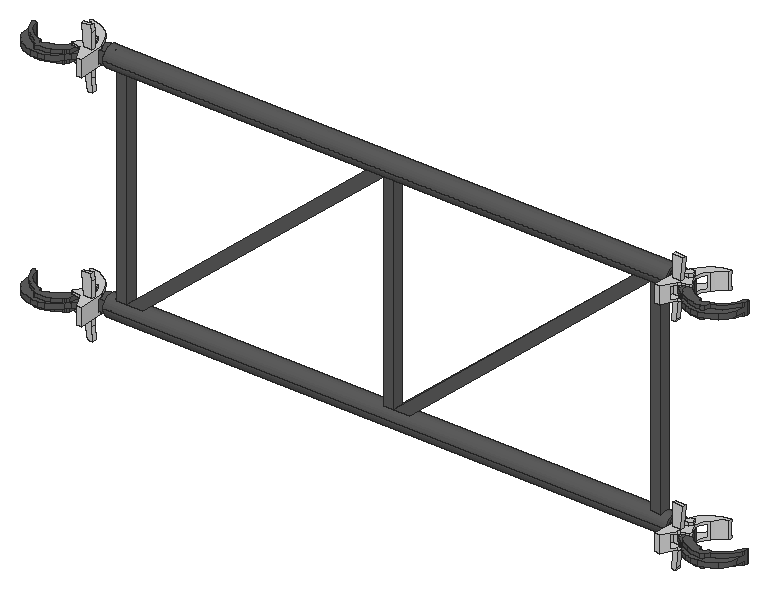
Revit family "EHL_BRACING FRAME 1,57_2220130", category Generic Models, Revit 2018
Family settings
  Can host rebar = No
  Round Connector Dimension = Use Diameter
  Part Type = Normal
  OmniClass Number = 35.51.14.00
  OmniClass Title = FORMWORK
  Work Plane-Based = Yes
  Always vertical = No
  Cut with Voids When Loaded = No
  Shared = Yes
  Room Calculation Point = No
Parameters
  VERSION = "20190101"  # constant formula
  URL = "www.ulmaconstruction.com/en"
  UNICLASS = ""
  ITEM_CODE = "2220130"
  Manufacturer = "ULMA CONSTRUCTION"  # constant formula
  FILTER [instance] = ""
  Default Elevation = 0.000 mm
  CLASSIFICATION_TITLE = ""
  CLASSIFICATION_NUMBER = ""
Reference planes
  plane 1 "Centro (Frontal/Posterior)": y = 0
  plane 2: z = 0
  plane 3 "Centro (Izquierda/Derecha)": x = 0
  plane 4 "SECOND HOOK": z = -530
  plane 5 "ITEM_LENGTH": x = 1570
Forms (mm)
  Extrusion 1, solid, material "ULMA BLACK", detail levels fine
    sketch origin (0, 0, 0) x (0, 1, 0) y (0, 0, 1)
      loop
        circle (0, 0) r 21.25
    from 112.779 to 131.962
  Extrusion 2, solid, material "ULMA BLACK", detail levels fine
    sketch origin (0, 0, 0) x (1, 0, 0) y (0, 1, 0)
      loop
        arc (-9.415, -54.949) -> (-39.125, -39.715) -> (-54.802, -10.236) r 55.75
        arc (-54.802, -10.236) -> (-55.276, -9.18) -> (-56.181, -8.458) r 2.46
        line (-56.181, -8.458) -> (-62.543, -5.491)
        arc (-62.543, -5.491) -> (-65.221, -5.854) -> (-66.004, -8.441) r 2.5
        line (-66.004, -8.441) -> (-65.503, -10.204) -> (-62.722, -35.861)
        arc (-62.722, -35.861) -> (-56.857, -54.21) -> (-44.498, -68.985) r 50.058
        arc (-44.498, -68.985) -> (-27.276, -79.37) -> (-7.835, -84.52) r 71.127
        line (-7.835, -84.52) -> (9.041, -84.52)
        arc (9.041, -84.52) -> (15.444, -83.458) -> (21.727, -81.83) r 72.924
        arc (21.727, -81.83) -> (38.94, -72.801) -> (51.518, -57.981) r 50.939
        arc (51.518, -57.981) -> (54.926, -53.297) -> (59.315, -49.519) r 25
        arc (59.315, -49.519) -> (69.169, -42.343) -> (78.5, -34.5) r 175.396
        line (78.5, -34.5) -> (79.668, -21.151)
        arc (79.668, -21.151) -> (80.95, -18.551) -> (83.653, -17.5) r 4
        line (83.653, -17.5) -> (112.779, -17.5) -> (112.779, 21) -> (110, 21) -> (80.183, 8.953)
        arc (80.183, 8.953) -> (63.164, -2.449) -> (52.146, -19.72) r 50
        arc (52.146, -19.72) -> (46.491, -30.767) -> (38.533, -40.29) r 55.75
        arc (38.533, -40.29) -> (25.075, -49.793) -> (9.427, -54.947) r 55.75
        arc (9.427, -54.947) -> (8.551, -55.329) -> (7.953, -56.073) r 2
        line (7.953, -56.073) -> (6.194, -59.845)
        arc (6.194, -59.845) -> (5.456, -60.687) -> (4.381, -61) r 2
        line (4.381, -61) -> (-4.381, -61)
        arc (-4.381, -61) -> (-5.456, -60.687) -> (-6.194, -59.845) r 2
        line (-6.194, -59.845) -> (-7.952, -56.075)
        spline (-7.952, -56.075) -> (-8.025, -55.934) -> (-8.109, -55.798) -> (-8.204, -55.67) -> (-8.309, -55.55) -> (-8.423, -55.439) -> (-8.546, -55.337) -> (-8.677, -55.246) -> (-8.814, -55.165) -> (-8.958, -55.096) -> (-9.107, -55.038) -> (-9.26, -54.992) -> (-9.415, -54.949)
      loop
        circle (75, -5) r 5.25
    from -14.2 to 14.2
  Extrusion 3, void
    sketch origin (0, 0, 0) x (0, -1, 0) y (0, 0, -1)
      loop
        arc (-9.288, -8.299) -> (-6.038, -6.696) -> (-4.724, -3.318) r 5
        line (-4.724, -3.318) -> (-4.724, 3.318)
        arc (-4.724, 3.318) -> (-6.038, 6.696) -> (-9.288, 8.299) r 5
        line (-9.288, 8.299) -> (-24, 9.586) -> (-24, -9.586) -> (-9.288, -8.299)
    from 69.04 to 137.016
  Extrusion 4, void
    sketch origin (0, 0, 0) x (1, 0, 0) y (0, 1, 0)
      loop
        arc (-17.172, -61.068) -> (-43.879, -45.835) -> (-60.07, -19.699) r 62.406
        line (-60.07, -19.699) -> (-66.013, -14.348) -> (-66.013, -86.27) -> (80.89, -86.27) -> (80.89, -20.894)
        arc (80.89, -20.894) -> (73.161, -21.045) -> (65.431, -21.139) r 1055.933
        arc (65.431, -21.139) -> (61.807, -25.128) -> (58.331, -29.248) r 147.622
        line (58.331, -29.248) -> (56.547, -48.914)
        arc (56.547, -48.914) -> (54.986, -51.483) -> (53.221, -53.917) r 36.931
        line (53.221, -53.917) -> (50.918, -56.844) -> (47.592, -60.536)
        arc (47.592, -60.536) -> (37.876, -65.558) -> (27.858, -69.948) r 170.736
        arc (27.858, -69.948) -> (11.017, -74.507) -> (-6.42, -75.069) r 75.203
        arc (-6.42, -75.069) -> (-10.277, -73.661) -> (-12.897, -70.501) r 7.858
        arc (-12.897, -70.501) -> (-15.044, -65.777) -> (-17.172, -61.068) r 2222.639
    from 5.6 to 14.2
  Extrusion 5, void
    sketch origin (0, 0, -35) x (1, 0, 0) y (0, 1, 0)
      loop
        arc (-17.172, -61.068) -> (-43.879, -45.835) -> (-60.07, -19.699) r 62.406
        line (-60.07, -19.699) -> (-66.013, -14.348) -> (-66.013, -86.27) -> (80.89, -86.27) -> (80.89, -20.894)
        arc (80.89, -20.894) -> (73.161, -21.045) -> (65.431, -21.139) r 1055.933
        arc (65.431, -21.139) -> (61.807, -25.128) -> (58.331, -29.248) r 147.622
        line (58.331, -29.248) -> (56.547, -48.914)
        arc (56.547, -48.914) -> (54.986, -51.483) -> (53.221, -53.917) r 36.931
        line (53.221, -53.917) -> (50.918, -56.844) -> (47.592, -60.536)
        arc (47.592, -60.536) -> (37.876, -65.558) -> (27.858, -69.948) r 170.736
        arc (27.858, -69.948) -> (11.017, -74.507) -> (-6.42, -75.069) r 75.203
        arc (-6.42, -75.069) -> (-10.277, -73.661) -> (-12.897, -70.501) r 7.858
        arc (-12.897, -70.501) -> (-15.044, -65.777) -> (-17.172, -61.068) r 2222.639
    from 20.8 to 29.4
  Extrusion 6, solid, material "ULMA ZINC", detail levels fine
    sketch origin (0, 0, 0) x (1, 0, 0) y (0, 1, 0)
      loop
        arc (88.479, 13.391) -> (63.063, 42.619) -> (26.896, 56.482) r 80
        arc (26.896, 56.482) -> (23.121, 54.016) -> (24.908, 49.876) r 3.5
        arc (24.908, 49.876) -> (39.309, 39.533) -> (49.734, 25.19) r 55.75
        arc (49.734, 25.19) -> (61.962, 1.553) -> (52.083, -23.159) r 32
        arc (52.083, -23.159) -> (50.416, -26.594) -> (48.522, -29.91) r 57
        arc (48.522, -29.91) -> (48.319, -32.667) -> (50.457, -34.42) r 3
        line (50.457, -34.42) -> (68.517, -38.23)
        arc (68.517, -38.23) -> (72.482, -40.036) -> (75.302, -43.357) r 10
        line (75.302, -43.357) -> (90.904, -73) -> (103.699, -73) -> (100.509, -12.123)
        arc (100.509, -12.123) -> (100.181, -10.058) -> (99.432, -8.106) r 10
        line (99.432, -8.106) -> (88.479, 13.391)
    from -19.75 to 19.75
  Extrusion 7, void
    sketch origin (0, 0, 0) x (1, 0, 0) y (0, 1, 0)
      loop
        arc (53.518, 21.701) -> (61.984, -1.023) -> (52.083, -23.159) r 32
        arc (52.083, -23.159) -> (50.416, -26.594) -> (48.522, -29.91) r 57
        arc (48.522, -29.91) -> (48.319, -32.667) -> (50.457, -34.42) r 3
        line (50.457, -34.42) -> (68.517, -38.23)
        arc (68.517, -38.23) -> (72.482, -40.036) -> (75.302, -43.357) r 10
        line (75.302, -43.357) -> (81.718, -55.548) -> (94, -55.548) -> (94, -23) -> (101.079, -23) -> (100.509, -12.123)
        arc (100.509, -12.123) -> (100.181, -10.058) -> (99.432, -8.106) r 10
        line (99.432, -8.106) -> (88.479, 13.391)
        arc (88.479, 13.391) -> (63.063, 42.619) -> (26.896, 56.482) r 80
        arc (26.896, 56.482) -> (24.143, 55.62) -> (22.972, 52.984) r 3.5
        arc (22.972, 52.984) -> (24.396, 52.344) -> (25.802, 51.665) r 57.75
        arc (25.802, 51.665) -> (42.395, 39.213) -> (53.518, 21.701) r 57.75
    from -14.75 to 14.75
  Extrusion 8, solid, material "ULMA ZINC", detail levels fine
    sketch origin (0, 0, 0) x (1, 0, 0) y (0, 0, 1)
      loop
        line (69.566, 68.569) -> (83.484, -66.214)
        arc (83.484, -66.214) -> (85.85, -70.589) -> (90.616, -72.011) r 6.499
        line (90.616, -72.011) -> (97.081, -71.344) -> (93.997, -41.477) -> (93.997, 55.885) -> (92.444, 70.931) -> (69.566, 68.569)
    from 23.25 to 31.75
  Extrusion 9, solid, material "ULMA ZINC", detail levels fine
    sketch origin (0, 0, 0) x (1, 0, 0) y (0, 1, 0)
      loop
        line (70.093, 3.5) -> (65.185, -5) -> (70.093, -13.5) -> (79.907, -13.5) -> (84.815, -5) -> (79.907, 3.5) -> (70.093, 3.5)
    from 19.75 to 26.75
  Extrusion 10, solid, material "ULMA ZINC", detail levels fine
    sketch origin (0, 0, -46.5) x (1, 0, 0) y (0, 1, 0)
      loop
        line (70.093, 3.5) -> (65.185, -5) -> (70.093, -13.5) -> (79.907, -13.5) -> (84.815, -5) -> (79.907, 3.5) -> (70.093, 3.5)
    from 19.75 to 26.75
  Extrusion 11, solid, material "ULMA BLACK", detail levels fine
    sketch origin (1570, 0, 0) x (0, 1, 0) y (0, 0, -1)
      loop
        circle (0, 0) r 21.25
    from 112.779 to 131.962
  Extrusion 12, solid, material "ULMA BLACK", detail levels fine
    sketch origin (1570, 0, 0) x (-1, 0, 0) y (0, -1, 0)
      loop
        spline (-9.415, 54.949) -> (-9.26, 54.992) -> (-9.107, 55.038) -> (-8.958, 55.096) -> (-8.814, 55.165) -> (-8.677, 55.246) -> (-8.546, 55.337) -> (-8.423, 55.439) -> (-8.309, 55.55) -> (-8.204, 55.67) -> (-8.109, 55.798) -> (-8.025, 55.934) -> (-7.952, 56.075)
        line (-7.952, 56.075) -> (-6.194, 59.845)
        arc (-6.194, 59.845) -> (-5.456, 60.687) -> (-4.381, 61) r 2
        line (-4.381, 61) -> (4.381, 61)
        arc (4.381, 61) -> (5.456, 60.687) -> (6.194, 59.845) r 2
        line (6.194, 59.845) -> (7.953, 56.073)
        arc (7.953, 56.073) -> (8.551, 55.329) -> (9.427, 54.947) r 2
        arc (9.427, 54.947) -> (25.075, 49.793) -> (38.533, 40.29) r 55.75
        arc (38.533, 40.29) -> (46.491, 30.767) -> (52.146, 19.72) r 55.75
        arc (52.146, 19.72) -> (63.164, 2.449) -> (80.183, -8.953) r 50
        line (80.183, -8.953) -> (110, -21) -> (112.779, -21) -> (112.779, 17.5) -> (83.653, 17.5)
        arc (83.653, 17.5) -> (80.95, 18.551) -> (79.668, 21.151) r 4
        line (79.668, 21.151) -> (78.5, 34.5)
        arc (78.5, 34.5) -> (69.169, 42.343) -> (59.315, 49.519) r 175.396
        arc (59.315, 49.519) -> (54.926, 53.297) -> (51.518, 57.981) r 25
        arc (51.518, 57.981) -> (38.94, 72.801) -> (21.727, 81.83) r 50.939
        arc (21.727, 81.83) -> (15.444, 83.458) -> (9.041, 84.52) r 72.924
        line (9.041, 84.52) -> (-7.835, 84.52)
        arc (-7.835, 84.52) -> (-27.276, 79.37) -> (-44.498, 68.985) r 71.127
        arc (-44.498, 68.985) -> (-56.857, 54.21) -> (-62.722, 35.861) r 50.058
        line (-62.722, 35.861) -> (-65.503, 10.204) -> (-66.004, 8.441)
        arc (-66.004, 8.441) -> (-65.221, 5.854) -> (-62.543, 5.491) r 2.5
        line (-62.543, 5.491) -> (-56.181, 8.458)
        arc (-56.181, 8.458) -> (-55.276, 9.18) -> (-54.802, 10.236) r 2.46
        arc (-54.802, 10.236) -> (-39.125, 39.715) -> (-9.415, 54.949) r 55.75
      loop
        circle (75, 5) r 5.25
    from -14.2 to 14.2
  Extrusion 13, void
    sketch origin (1570, 0, 0) x (0, -1, 0) y (0, 0, 1)
      loop
        line (-9.288, 8.299) -> (-24, 9.586) -> (-24, -9.586) -> (-9.288, -8.299)
        arc (-9.288, -8.299) -> (-6.038, -6.696) -> (-4.724, -3.318) r 5
        line (-4.724, -3.318) -> (-4.724, 3.318)
        arc (-4.724, 3.318) -> (-6.038, 6.696) -> (-9.288, 8.299) r 5
    from 69.04 to 137.016
  Extrusion 14, void
    sketch origin (1570, 0, -35) x (-1, 0, 0) y (0, -1, 0)
      loop
        arc (-17.172, 61.068) -> (-15.044, 65.777) -> (-12.897, 70.501) r 2222.639
        arc (-12.897, 70.501) -> (-10.277, 73.661) -> (-6.42, 75.069) r 7.858
        arc (-6.42, 75.069) -> (11.017, 74.507) -> (27.858, 69.948) r 75.203
        arc (27.858, 69.948) -> (37.876, 65.558) -> (47.592, 60.536) r 170.736
        line (47.592, 60.536) -> (50.918, 56.844) -> (53.221, 53.917)
        arc (53.221, 53.917) -> (54.986, 51.483) -> (56.547, 48.914) r 36.931
        line (56.547, 48.914) -> (58.331, 29.248)
        arc (58.331, 29.248) -> (61.807, 25.128) -> (65.431, 21.139) r 147.622
        arc (65.431, 21.139) -> (73.161, 21.045) -> (80.89, 20.894) r 1055.933
        line (80.89, 20.894) -> (80.89, 86.27) -> (-66.013, 86.27) -> (-66.013, 14.348) -> (-60.07, 19.699)
        arc (-60.07, 19.699) -> (-43.879, 45.835) -> (-17.172, 61.068) r 62.406
    from 20.8 to 29.4
  Extrusion 15, solid, material "ULMA ZINC", detail levels fine
    sketch origin (1570, 0, 0) x (-1, 0, 0) y (0, -1, 0)
      loop
        line (88.479, -13.391) -> (99.432, 8.106)
        arc (99.432, 8.106) -> (100.181, 10.058) -> (100.509, 12.123) r 10
        line (100.509, 12.123) -> (103.699, 73) -> (90.904, 73) -> (75.302, 43.357)
        arc (75.302, 43.357) -> (72.482, 40.036) -> (68.517, 38.23) r 10
        line (68.517, 38.23) -> (50.457, 34.42)
        arc (50.457, 34.42) -> (48.319, 32.667) -> (48.522, 29.91) r 3
        arc (48.522, 29.91) -> (50.416, 26.594) -> (52.083, 23.159) r 57
        arc (52.083, 23.159) -> (61.962, -1.553) -> (49.734, -25.19) r 32
        arc (49.734, -25.19) -> (39.309, -39.533) -> (24.908, -49.876) r 55.75
        arc (24.908, -49.876) -> (23.121, -54.016) -> (26.896, -56.482) r 3.5
        arc (26.896, -56.482) -> (63.063, -42.619) -> (88.479, -13.391) r 80
    from -19.75 to 19.75
  Extrusion 16, void
    sketch origin (1570, 0, 0) x (-1, 0, 0) y (0, -1, 0)
      loop
        arc (53.518, -21.701) -> (42.395, -39.213) -> (25.802, -51.665) r 57.75
        arc (25.802, -51.665) -> (24.396, -52.344) -> (22.972, -52.984) r 57.75
        arc (22.972, -52.984) -> (24.143, -55.62) -> (26.896, -56.482) r 3.5
        arc (26.896, -56.482) -> (63.063, -42.619) -> (88.479, -13.391) r 80
        line (88.479, -13.391) -> (99.432, 8.106)
        arc (99.432, 8.106) -> (100.181, 10.058) -> (100.509, 12.123) r 10
        line (100.509, 12.123) -> (101.079, 23) -> (94, 23) -> (94, 55.548) -> (81.718, 55.548) -> (75.302, 43.357)
        arc (75.302, 43.357) -> (72.482, 40.036) -> (68.517, 38.23) r 10
        line (68.517, 38.23) -> (50.457, 34.42)
        arc (50.457, 34.42) -> (48.319, 32.667) -> (48.522, 29.91) r 3
        arc (48.522, 29.91) -> (50.416, 26.594) -> (52.083, 23.159) r 57
        arc (52.083, 23.159) -> (61.984, 1.023) -> (53.518, -21.701) r 32
    from -14.75 to 14.75
  Extrusion 17, solid, material "ULMA ZINC", detail levels fine
    sketch origin (1570, 0, 0) x (-1, 0, 0) y (0, 0, -1)
      loop
        line (69.566, -68.569) -> (92.444, -70.931) -> (93.997, -55.885) -> (93.997, 41.477) -> (97.081, 71.344) -> (90.616, 72.011)
        arc (90.616, 72.011) -> (85.85, 70.589) -> (83.484, 66.214) r 6.499
        line (83.484, 66.214) -> (69.566, -68.569)
    from 23.25 to 31.75
  Extrusion 18, solid, material "ULMA ZINC", detail levels fine
    sketch origin (1570, 0, 0) x (-1, 0, 0) y (0, -1, 0)
      loop
        line (70.093, -3.5) -> (79.907, -3.5) -> (84.815, 5) -> (79.907, 13.5) -> (70.093, 13.5) -> (65.185, 5) -> (70.093, -3.5)
    from 19.75 to 26.75
  Extrusion 19, void
    sketch origin (1570, 0, -15.2) x (-1, 0, 0) y (0, -1, 0)
      loop
        arc (-17.172, 61.068) -> (-15.044, 65.777) -> (-12.897, 70.501) r 2222.639
        arc (-12.897, 70.501) -> (-10.277, 73.661) -> (-6.42, 75.069) r 7.858
        arc (-6.42, 75.069) -> (11.017, 74.507) -> (27.858, 69.948) r 75.203
        arc (27.858, 69.948) -> (37.876, 65.558) -> (47.592, 60.536) r 170.736
        line (47.592, 60.536) -> (50.918, 56.844) -> (53.221, 53.917)
        arc (53.221, 53.917) -> (54.986, 51.483) -> (56.547, 48.914) r 36.931
        line (56.547, 48.914) -> (58.331, 29.248)
        arc (58.331, 29.248) -> (61.807, 25.128) -> (65.431, 21.139) r 147.622
        arc (65.431, 21.139) -> (73.161, 21.045) -> (80.89, 20.894) r 1055.933
        line (80.89, 20.894) -> (80.89, 86.27) -> (-66.013, 86.27) -> (-66.013, 14.348) -> (-60.07, 19.699)
        arc (-60.07, 19.699) -> (-43.879, 45.835) -> (-17.172, 61.068) r 62.406
    from 20.8 to 29.4
  Extrusion 20, solid, material "ULMA BLACK", detail levels fine
    sketch origin (0, 0, -530) x (0, 1, 0) y (0, 0, 1)
      loop
        circle (0, 0) r 21.25
    from 112.779 to 131.962
  Extrusion 21, solid, material "ULMA BLACK", detail levels fine
    sketch origin (0, 0, -530) x (1, 0, 0) y (0, 1, 0)
      loop
        arc (-9.415, -54.949) -> (-39.125, -39.715) -> (-54.802, -10.236) r 55.75
        arc (-54.802, -10.236) -> (-55.276, -9.18) -> (-56.181, -8.458) r 2.46
        line (-56.181, -8.458) -> (-62.543, -5.491)
        arc (-62.543, -5.491) -> (-65.221, -5.854) -> (-66.004, -8.441) r 2.5
        line (-66.004, -8.441) -> (-65.503, -10.204) -> (-62.722, -35.861)
        arc (-62.722, -35.861) -> (-56.857, -54.21) -> (-44.498, -68.985) r 50.058
        arc (-44.498, -68.985) -> (-27.276, -79.37) -> (-7.835, -84.52) r 71.127
        line (-7.835, -84.52) -> (9.041, -84.52)
        arc (9.041, -84.52) -> (15.444, -83.458) -> (21.727, -81.83) r 72.924
        arc (21.727, -81.83) -> (38.94, -72.801) -> (51.518, -57.981) r 50.939
        arc (51.518, -57.981) -> (54.926, -53.297) -> (59.315, -49.519) r 25
        arc (59.315, -49.519) -> (69.169, -42.343) -> (78.5, -34.5) r 175.396
        line (78.5, -34.5) -> (79.668, -21.151)
        arc (79.668, -21.151) -> (80.95, -18.551) -> (83.653, -17.5) r 4
        line (83.653, -17.5) -> (112.779, -17.5) -> (112.779, 21) -> (110, 21) -> (80.183, 8.953)
        arc (80.183, 8.953) -> (63.164, -2.449) -> (52.146, -19.72) r 50
        arc (52.146, -19.72) -> (46.491, -30.767) -> (38.533, -40.29) r 55.75
        arc (38.533, -40.29) -> (25.075, -49.793) -> (9.427, -54.947) r 55.75
        arc (9.427, -54.947) -> (8.551, -55.329) -> (7.953, -56.073) r 2
        line (7.953, -56.073) -> (6.194, -59.845)
        arc (6.194, -59.845) -> (5.456, -60.687) -> (4.381, -61) r 2
        line (4.381, -61) -> (-4.381, -61)
        arc (-4.381, -61) -> (-5.456, -60.687) -> (-6.194, -59.845) r 2
        line (-6.194, -59.845) -> (-7.952, -56.075)
        spline (-7.952, -56.075) -> (-8.025, -55.934) -> (-8.109, -55.798) -> (-8.204, -55.67) -> (-8.309, -55.55) -> (-8.423, -55.439) -> (-8.546, -55.337) -> (-8.677, -55.246) -> (-8.814, -55.165) -> (-8.958, -55.096) -> (-9.107, -55.038) -> (-9.26, -54.992) -> (-9.415, -54.949)
      loop
        circle (75, -5) r 5.25
    from -14.2 to 14.2
  Extrusion 22, void
    sketch origin (0, 0, -530) x (0, -1, 0) y (0, 0, -1)
      loop
        arc (-9.288, -8.299) -> (-6.038, -6.696) -> (-4.724, -3.318) r 5
        line (-4.724, -3.318) -> (-4.724, 3.318)
        arc (-4.724, 3.318) -> (-6.038, 6.696) -> (-9.288, 8.299) r 5
        line (-9.288, 8.299) -> (-24, 9.586) -> (-24, -9.586) -> (-9.288, -8.299)
    from 69.04 to 137.016
  Extrusion 23, void
    sketch origin (0, 0, -565) x (1, 0, 0) y (0, 1, 0)
      loop
        arc (-17.172, -61.068) -> (-43.879, -45.835) -> (-60.07, -19.699) r 62.406
        line (-60.07, -19.699) -> (-66.013, -14.348) -> (-66.013, -86.27) -> (80.89, -86.27) -> (80.89, -20.894)
        arc (80.89, -20.894) -> (73.161, -21.045) -> (65.431, -21.139) r 1055.933
        arc (65.431, -21.139) -> (61.807, -25.128) -> (58.331, -29.248) r 147.622
        line (58.331, -29.248) -> (56.547, -48.914)
        arc (56.547, -48.914) -> (54.986, -51.483) -> (53.221, -53.917) r 36.931
        line (53.221, -53.917) -> (50.918, -56.844) -> (47.592, -60.536)
        arc (47.592, -60.536) -> (37.876, -65.558) -> (27.858, -69.948) r 170.736
        arc (27.858, -69.948) -> (11.017, -74.507) -> (-6.42, -75.069) r 75.203
        arc (-6.42, -75.069) -> (-10.277, -73.661) -> (-12.897, -70.501) r 7.858
        arc (-12.897, -70.501) -> (-15.044, -65.777) -> (-17.172, -61.068) r 2222.639
    from 20.8 to 29.4
  Extrusion 24, solid, material "ULMA ZINC", detail levels fine
    sketch origin (0, 0, -530) x (1, 0, 0) y (0, 1, 0)
      loop
        arc (88.479, 13.391) -> (63.063, 42.619) -> (26.896, 56.482) r 80
        arc (26.896, 56.482) -> (23.121, 54.016) -> (24.908, 49.876) r 3.5
        arc (24.908, 49.876) -> (39.309, 39.533) -> (49.734, 25.19) r 55.75
        arc (49.734, 25.19) -> (61.962, 1.553) -> (52.083, -23.159) r 32
        arc (52.083, -23.159) -> (50.416, -26.594) -> (48.522, -29.91) r 57
        arc (48.522, -29.91) -> (48.319, -32.667) -> (50.457, -34.42) r 3
        line (50.457, -34.42) -> (68.517, -38.23)
        arc (68.517, -38.23) -> (72.482, -40.036) -> (75.302, -43.357) r 10
        line (75.302, -43.357) -> (90.904, -73) -> (103.699, -73) -> (100.509, -12.123)
        arc (100.509, -12.123) -> (100.181, -10.058) -> (99.432, -8.106) r 10
        line (99.432, -8.106) -> (88.479, 13.391)
    from -19.75 to 19.75
  Extrusion 25, void
    sketch origin (0, 0, -530) x (1, 0, 0) y (0, 1, 0)
      loop
        arc (53.518, 21.701) -> (61.984, -1.023) -> (52.083, -23.159) r 32
        arc (52.083, -23.159) -> (50.416, -26.594) -> (48.522, -29.91) r 57
        arc (48.522, -29.91) -> (48.319, -32.667) -> (50.457, -34.42) r 3
        line (50.457, -34.42) -> (68.517, -38.23)
        arc (68.517, -38.23) -> (72.482, -40.036) -> (75.302, -43.357) r 10
        line (75.302, -43.357) -> (81.718, -55.548) -> (94, -55.548) -> (94, -23) -> (101.079, -23) -> (100.509, -12.123)
        arc (100.509, -12.123) -> (100.181, -10.058) -> (99.432, -8.106) r 10
        line (99.432, -8.106) -> (88.479, 13.391)
        arc (88.479, 13.391) -> (63.063, 42.619) -> (26.896, 56.482) r 80
        arc (26.896, 56.482) -> (24.143, 55.62) -> (22.972, 52.984) r 3.5
        arc (22.972, 52.984) -> (24.396, 52.344) -> (25.802, 51.665) r 57.75
        arc (25.802, 51.665) -> (42.395, 39.213) -> (53.518, 21.701) r 57.75
    from -14.75 to 14.75
  Extrusion 26, solid, material "ULMA ZINC", detail levels fine
    sketch origin (0, 0, -530) x (1, 0, 0) y (0, 0, 1)
      loop
        line (69.566, 68.569) -> (83.484, -66.214)
        arc (83.484, -66.214) -> (85.85, -70.589) -> (90.616, -72.011) r 6.499
        line (90.616, -72.011) -> (97.081, -71.344) -> (93.997, -41.477) -> (93.997, 55.885) -> (92.444, 70.931) -> (69.566, 68.569)
    from 23.25 to 31.75
  Extrusion 27, solid, material "ULMA ZINC", detail levels fine
    sketch origin (0, 0, -530) x (1, 0, 0) y (0, 1, 0)
      loop
        line (70.093, 3.5) -> (65.185, -5) -> (70.093, -13.5) -> (79.907, -13.5) -> (84.815, -5) -> (79.907, 3.5) -> (70.093, 3.5)
    from 19.75 to 26.75
  Extrusion 28, solid, material "ULMA ZINC", detail levels fine
    sketch origin (0, 0, -576.5) x (1, 0, 0) y (0, 1, 0)
      loop
        line (70.093, 3.5) -> (65.185, -5) -> (70.093, -13.5) -> (79.907, -13.5) -> (84.815, -5) -> (79.907, 3.5) -> (70.093, 3.5)
    from 19.75 to 26.75
  Extrusion 29, solid, material "ULMA BLACK", detail levels fine
    sketch origin (1570, 0, -530) x (0, 1, 0) y (0, 0, -1)
      loop
        circle (0, 0) r 21.25
    from 112.779 to 131.962
  Extrusion 30, solid, material "ULMA BLACK", detail levels fine
    sketch origin (1570, 0, -530) x (-1, 0, 0) y (0, -1, 0)
      loop
        spline (-9.415, 54.949) -> (-9.26, 54.992) -> (-9.107, 55.038) -> (-8.958, 55.096) -> (-8.814, 55.165) -> (-8.677, 55.246) -> (-8.546, 55.337) -> (-8.423, 55.439) -> (-8.309, 55.55) -> (-8.204, 55.67) -> (-8.109, 55.798) -> (-8.025, 55.934) -> (-7.952, 56.075)
        line (-7.952, 56.075) -> (-6.194, 59.845)
        arc (-6.194, 59.845) -> (-5.456, 60.687) -> (-4.381, 61) r 2
        line (-4.381, 61) -> (4.381, 61)
        arc (4.381, 61) -> (5.456, 60.687) -> (6.194, 59.845) r 2
        line (6.194, 59.845) -> (7.953, 56.073)
        arc (7.953, 56.073) -> (8.551, 55.329) -> (9.427, 54.947) r 2
        arc (9.427, 54.947) -> (25.075, 49.793) -> (38.533, 40.29) r 55.75
        arc (38.533, 40.29) -> (46.491, 30.767) -> (52.146, 19.72) r 55.75
        arc (52.146, 19.72) -> (63.164, 2.449) -> (80.183, -8.953) r 50
        line (80.183, -8.953) -> (110, -21) -> (112.779, -21) -> (112.779, 17.5) -> (83.653, 17.5)
        arc (83.653, 17.5) -> (80.95, 18.551) -> (79.668, 21.151) r 4
        line (79.668, 21.151) -> (78.5, 34.5)
        arc (78.5, 34.5) -> (69.169, 42.343) -> (59.315, 49.519) r 175.396
        arc (59.315, 49.519) -> (54.926, 53.297) -> (51.518, 57.981) r 25
        arc (51.518, 57.981) -> (38.94, 72.801) -> (21.727, 81.83) r 50.939
        arc (21.727, 81.83) -> (15.444, 83.458) -> (9.041, 84.52) r 72.924
        line (9.041, 84.52) -> (-7.835, 84.52)
        arc (-7.835, 84.52) -> (-27.276, 79.37) -> (-44.498, 68.985) r 71.127
        arc (-44.498, 68.985) -> (-56.857, 54.21) -> (-62.722, 35.861) r 50.058
        line (-62.722, 35.861) -> (-65.503, 10.204) -> (-66.004, 8.441)
        arc (-66.004, 8.441) -> (-65.221, 5.854) -> (-62.543, 5.491) r 2.5
        line (-62.543, 5.491) -> (-56.181, 8.458)
        arc (-56.181, 8.458) -> (-55.276, 9.18) -> (-54.802, 10.236) r 2.46
        arc (-54.802, 10.236) -> (-39.125, 39.715) -> (-9.415, 54.949) r 55.75
      loop
        circle (75, 5) r 5.25
    from -14.2 to 14.2
  Extrusion 31, void
    sketch origin (1570, 0, -530) x (0, -1, 0) y (0, 0, 1)
      loop
        line (-9.288, 8.299) -> (-24, 9.586) -> (-24, -9.586) -> (-9.288, -8.299)
        arc (-9.288, -8.299) -> (-6.038, -6.696) -> (-4.724, -3.318) r 5
        line (-4.724, -3.318) -> (-4.724, 3.318)
        arc (-4.724, 3.318) -> (-6.038, 6.696) -> (-9.288, 8.299) r 5
    from 69.04 to 137.016
  Extrusion 32, void
    sketch origin (1570, 0, -565) x (-1, 0, 0) y (0, -1, 0)
      loop
        arc (-17.172, 61.068) -> (-15.044, 65.777) -> (-12.897, 70.501) r 2222.639
        arc (-12.897, 70.501) -> (-10.277, 73.661) -> (-6.42, 75.069) r 7.858
        arc (-6.42, 75.069) -> (11.017, 74.507) -> (27.858, 69.948) r 75.203
        arc (27.858, 69.948) -> (37.876, 65.558) -> (47.592, 60.536) r 170.736
        line (47.592, 60.536) -> (50.918, 56.844) -> (53.221, 53.917)
        arc (53.221, 53.917) -> (54.986, 51.483) -> (56.547, 48.914) r 36.931
        line (56.547, 48.914) -> (58.331, 29.248)
        arc (58.331, 29.248) -> (61.807, 25.128) -> (65.431, 21.139) r 147.622
        arc (65.431, 21.139) -> (73.161, 21.045) -> (80.89, 20.894) r 1055.933
        line (80.89, 20.894) -> (80.89, 86.27) -> (-66.013, 86.27) -> (-66.013, 14.348) -> (-60.07, 19.699)
        arc (-60.07, 19.699) -> (-43.879, 45.835) -> (-17.172, 61.068) r 62.406
    from 20.8 to 29.4
  Extrusion 33, solid, material "ULMA ZINC", detail levels fine
    sketch origin (1570, 0, -530) x (-1, 0, 0) y (0, -1, 0)
      loop
        line (88.479, -13.391) -> (99.432, 8.106)
        arc (99.432, 8.106) -> (100.181, 10.058) -> (100.509, 12.123) r 10
        line (100.509, 12.123) -> (103.699, 73) -> (90.904, 73) -> (75.302, 43.357)
        arc (75.302, 43.357) -> (72.482, 40.036) -> (68.517, 38.23) r 10
        line (68.517, 38.23) -> (50.457, 34.42)
        arc (50.457, 34.42) -> (48.319, 32.667) -> (48.522, 29.91) r 3
        arc (48.522, 29.91) -> (50.416, 26.594) -> (52.083, 23.159) r 57
        arc (52.083, 23.159) -> (61.962, -1.553) -> (49.734, -25.19) r 32
        arc (49.734, -25.19) -> (39.309, -39.533) -> (24.908, -49.876) r 55.75
        arc (24.908, -49.876) -> (23.121, -54.016) -> (26.896, -56.482) r 3.5
        arc (26.896, -56.482) -> (63.063, -42.619) -> (88.479, -13.391) r 80
    from -19.75 to 19.75
  Extrusion 34, void
    sketch origin (1570, 0, -530) x (-1, 0, 0) y (0, -1, 0)
      loop
        arc (53.518, -21.701) -> (42.395, -39.213) -> (25.802, -51.665) r 57.75
        arc (25.802, -51.665) -> (24.396, -52.344) -> (22.972, -52.984) r 57.75
        arc (22.972, -52.984) -> (24.143, -55.62) -> (26.896, -56.482) r 3.5
        arc (26.896, -56.482) -> (63.063, -42.619) -> (88.479, -13.391) r 80
        line (88.479, -13.391) -> (99.432, 8.106)
        arc (99.432, 8.106) -> (100.181, 10.058) -> (100.509, 12.123) r 10
        line (100.509, 12.123) -> (101.079, 23) -> (94, 23) -> (94, 55.548) -> (81.718, 55.548) -> (75.302, 43.357)
        arc (75.302, 43.357) -> (72.482, 40.036) -> (68.517, 38.23) r 10
        line (68.517, 38.23) -> (50.457, 34.42)
        arc (50.457, 34.42) -> (48.319, 32.667) -> (48.522, 29.91) r 3
        arc (48.522, 29.91) -> (50.416, 26.594) -> (52.083, 23.159) r 57
        arc (52.083, 23.159) -> (61.984, 1.023) -> (53.518, -21.701) r 32
    from -14.75 to 14.75
  Extrusion 35, solid, material "ULMA ZINC", detail levels fine
    sketch origin (1570, 0, -530) x (-1, 0, 0) y (0, 0, -1)
      loop
        line (69.566, -68.569) -> (92.444, -70.931) -> (93.997, -55.885) -> (93.997, 41.477) -> (97.081, 71.344) -> (90.616, 72.011)
        arc (90.616, 72.011) -> (85.85, 70.589) -> (83.484, 66.214) r 6.499
        line (83.484, 66.214) -> (69.566, -68.569)
    from 23.25 to 31.75
  Extrusion 36, solid, material "ULMA ZINC", detail levels fine
    sketch origin (1570, 0, -530) x (-1, 0, 0) y (0, -1, 0)
      loop
        line (70.093, -3.5) -> (79.907, -3.5) -> (84.815, 5) -> (79.907, 13.5) -> (70.093, 13.5) -> (65.185, 5) -> (70.093, -3.5)
    from 19.75 to 26.75
  Extrusion 37, void
    sketch origin (1570, 0, -545.2) x (-1, 0, 0) y (0, -1, 0)
      loop
        arc (-17.172, 61.068) -> (-15.044, 65.777) -> (-12.897, 70.501) r 2222.639
        arc (-12.897, 70.501) -> (-10.277, 73.661) -> (-6.42, 75.069) r 7.858
        arc (-6.42, 75.069) -> (11.017, 74.507) -> (27.858, 69.948) r 75.203
        arc (27.858, 69.948) -> (37.876, 65.558) -> (47.592, 60.536) r 170.736
        line (47.592, 60.536) -> (50.918, 56.844) -> (53.221, 53.917)
        arc (53.221, 53.917) -> (54.986, 51.483) -> (56.547, 48.914) r 36.931
        line (56.547, 48.914) -> (58.331, 29.248)
        arc (58.331, 29.248) -> (61.807, 25.128) -> (65.431, 21.139) r 147.622
        arc (65.431, 21.139) -> (73.161, 21.045) -> (80.89, 20.894) r 1055.933
        line (80.89, 20.894) -> (80.89, 86.27) -> (-66.013, 86.27) -> (-66.013, 14.348) -> (-60.07, 19.699)
        arc (-60.07, 19.699) -> (-43.879, 45.835) -> (-17.172, 61.068) r 62.406
    from 20.8 to 29.4
  Extrusion 38, void
    sketch origin (0, 0, -530) x (1, 0, 0) y (0, 1, 0)
      loop
        arc (-17.172, -61.068) -> (-43.879, -45.835) -> (-60.07, -19.699) r 62.406
        line (-60.07, -19.699) -> (-66.013, -14.348) -> (-66.013, -86.27) -> (80.89, -86.27) -> (80.89, -20.894)
        arc (80.89, -20.894) -> (73.161, -21.045) -> (65.431, -21.139) r 1055.933
        arc (65.431, -21.139) -> (61.807, -25.128) -> (58.331, -29.248) r 147.622
        line (58.331, -29.248) -> (56.547, -48.914)
        arc (56.547, -48.914) -> (54.986, -51.483) -> (53.221, -53.917) r 36.931
        line (53.221, -53.917) -> (50.918, -56.844) -> (47.592, -60.536)
        arc (47.592, -60.536) -> (37.876, -65.558) -> (27.858, -69.948) r 170.736
        arc (27.858, -69.948) -> (11.017, -74.507) -> (-6.42, -75.069) r 75.203
        arc (-6.42, -75.069) -> (-10.277, -73.661) -> (-12.897, -70.501) r 7.858
        arc (-12.897, -70.501) -> (-15.044, -65.777) -> (-17.172, -61.068) r 2222.639
    from 5.6 to 14.2
  Extrusion 39, solid, material "ULMA BLACK", detail levels medium+fine
    sketch origin (0, 0, 0) x (0, 1, 0) y (0, 0, 1)
      loop
        circle (0, 0) r 24
      loop
        circle (0, -530) r 24
    from 115 to 1455
  Extrusion 40, solid, material "ULMA BLACK", detail levels medium+fine
    sketch origin (0, 0, 0) x (1, 0, 0) y (0, 1, 0)
      loop
        line (162.5, 12.5) -> (137.5, 12.5) -> (137.5, -12.5) -> (162.5, -12.5) -> (162.5, 12.5)
      loop
        line (797.5, 12.5) -> (772.5, 12.5) -> (772.5, -12.5) -> (797.5, -12.5) -> (797.5, 12.5)
      loop
        line (1432.5, 12.5) -> (1407.5, 12.5) -> (1407.5, -12.5) -> (1432.5, -12.5) -> (1432.5, 12.5)
    from -509.429 to -20.571
  Extrusion 41, solid, material "ULMA BLACK", detail levels medium+fine
    sketch origin (0, 0, 0) x (1, 0, 0) y (0, 0, 1)
      loop
        line (162.502, -508.929) -> (201.007, -508.929) -> (772.498, -21.071) -> (733.993, -21.071) -> (162.502, -508.929)
      loop
        line (797.502, -508.929) -> (836.007, -508.929) -> (1407.498, -21.071) -> (1368.993, -21.071) -> (797.502, -508.929)
    from -12.5 to 12.5
  Extrusion 42, solid, material "ULMA ZINC", detail levels fine
    sketch origin (1570, 0, -46.5) x (-1, 0, 0) y (0, -1, 0)
      loop
        line (70.093, -3.5) -> (79.907, -3.5) -> (84.815, 5) -> (79.907, 13.5) -> (70.093, 13.5) -> (65.185, 5) -> (70.093, -3.5)
    from 19.75 to 26.75
  Extrusion 43, solid, material "ULMA ZINC", detail levels fine
    sketch origin (1570, 0, -576.5) x (-1, 0, 0) y (0, -1, 0)
      loop
        line (70.093, -3.5) -> (79.907, -3.5) -> (84.815, 5) -> (79.907, 13.5) -> (70.093, 13.5) -> (65.185, 5) -> (70.093, -3.5)
    from 19.75 to 26.75
  Extrusion 44, solid, material "ULMA BLACK", detail levels medium
    sketch origin (0, 0, 0) x (1, 0, 0) y (0, 1, 0)
      loop
        line (-65, 85) -> (-65, -85) -> (115, -85) -> (115, 85) -> (-65, 85)
    from -14.2 to 14.2
  Extrusion 45, solid, material "ULMA BLACK", detail levels medium
    sketch origin (1520, 0, 0) x (1, 0, 0) y (0, 1, 0)
      loop
        line (-65, 85) -> (-65, -85) -> (115, -85) -> (115, 85) -> (-65, 85)
    from -14.2 to 14.2
  Extrusion 46, solid, material "ULMA BLACK", detail levels medium
    sketch origin (0, 0, -530) x (1, 0, 0) y (0, 1, 0)
      loop
        line (-65, 85) -> (-65, -85) -> (115, -85) -> (115, 85) -> (-65, 85)
    from -14.2 to 14.2
  Extrusion 47, solid, material "ULMA BLACK", detail levels medium
    sketch origin (1520, 0, -530) x (1, 0, 0) y (0, 1, 0)
      loop
        line (-65, 85) -> (-65, -85) -> (115, -85) -> (115, 85) -> (-65, 85)
    from -14.2 to 14.2
Cuts and joins
  Extrusion 3, Extrusion 13, Extrusion 22 cuts Extrusion 1
  Extrusion 3, Extrusion 4, Extrusion 5, Extrusion 13, Extrusion 16, Extrusion 22, Extrusion 25 cuts Extrusion 2
  Extrusion 7, Extrusion 16, Extrusion 25 cuts Extrusion 6
  Extrusion 13, Extrusion 31 cuts Extrusion 11
  Extrusion 13, Extrusion 14, Extrusion 19, Extrusion 31, Extrusion 34 cuts Extrusion 12
  Extrusion 13, Extrusion 16, Extrusion 34 cuts Extrusion 15
  Extrusion 23, Extrusion 25, Extrusion 38 cuts Extrusion 8
  Extrusion 32, Extrusion 34, Extrusion 37 cuts Extrusion 17
  Extrusion 22 cuts Extrusion 20
  Extrusion 22, Extrusion 23, Extrusion 38 cuts Extrusion 21
  Extrusion 22, Extrusion 25 cuts Extrusion 24
  Extrusion 31 cuts Extrusion 29
  Extrusion 31, Extrusion 32, Extrusion 37 cuts Extrusion 30
  Extrusion 31, Extrusion 34 cuts Extrusion 33
Lines and regions (mm)
  model lines, style "ULMA BRACING", detail levels coarse
    curve 1: line (0, 0, 0) -> (1570, 0, 0)
    curve 2: line (0, 0, -530) -> (1570, 0, -530)
    curve 3: line (150, 0, 0) -> (150, 0, -530)
    curve 4: line (785, 0, 0) -> (785, 0, -530)
    curve 5: line (1420, 0, 0) -> (1420, 0, -530)
    curve 6: line (150, 0, -530) -> (785, 0, 0)
    curve 7: line (785, 0, -530) -> (1420, 0, 0)
Dimensions and locks
  locked: plane 2 to plane 4 "SECOND HOOK" at 530
  locked: plane 5 "ITEM_LENGTH" to plane 3 "Centro (Izquierda/Derecha)" at 1570
  aligned and locked: level to plane 2
